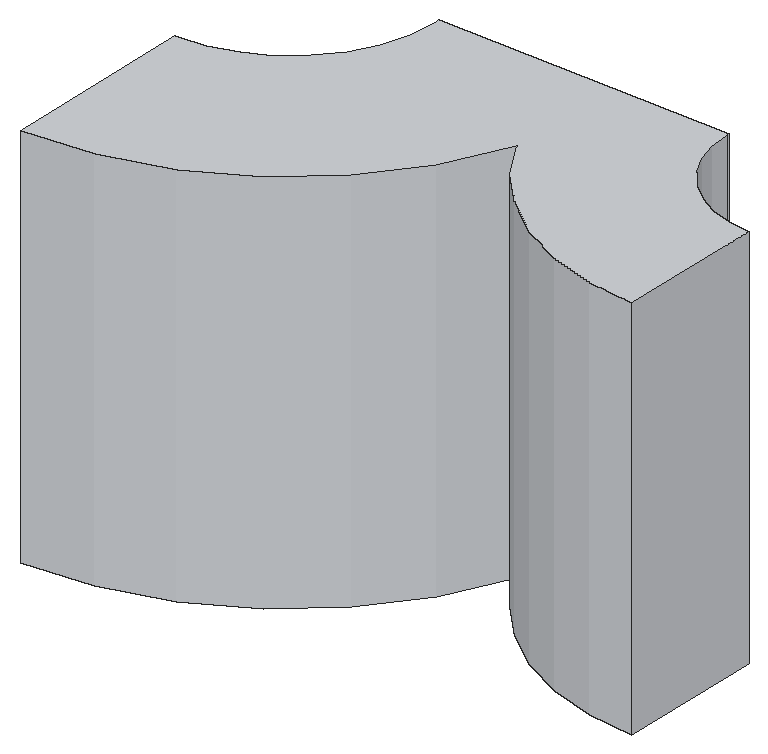
Revit family "b8e60da4b70448b39d493ccb4ce29c04", category Duct Fittings, Revit 2021
Family settings
  Round Connector Dimension = Use Diameter
  Part Type = Tee
  OmniClass Number = 23.75.70.14
  OmniClass Title = Air Ductwork
  Seek Item ID = Rectangular Wye - Curved - Transition-0000-USA-ENU
  Work Plane-Based = No
  Always vertical = Yes
  Cut with Voids When Loaded = No
  Shared = No
Parameters (values of type "Standard")
  Width 1 [instance] = 5 / 8 * (Duct Width 1 - Duct Width 2) + Radius 2  # 8 3/4"
  Shoulder [instance] = 0' 0 1/8"  # 1/8"
  Radius 1 [instance] = 1.25 * Duct Width 1  # 10"
  Radius 2 [instance] = 1.25 * Duct Width 2  # 7 1/2"
  Length 2 [instance] = 0.5 * Duct Width 3 + 0.75 * Duct Width 2  # 10 1/2"
  Length 1 [instance] = 0.5 * Duct Width 3 + 0.75 * Duct Width 1  # 12"
  Duct Width 3 [instance] = 12"
  Duct Width 2 [instance] = 6"
  Duct Width 1 [instance] = 8"
  Duct Height [instance] = 16"
  Default Elevation = 0' - 0"
Reference planes (in)
  plane 1 "Center (Front/Back)": y = 0
  plane 2: z = 0
  plane 3 "Center (Left/Right)": x = 0
  plane 4: y = 8.75
  plane 5: y = 1.25
  plane 6: y = -1.25
  plane 7: x = -12
  plane 8: x = 10.5
  plane 9: y = 8.875
Forms (in)
  Sweep 1, solid, detail levels medium+fine
    path in 3D
      loop
        arc (-2, 8.75, 0) -> (-4.92893, 1.67893, 0) -> (-12, -1.25, 0) r 10
    profile "Duct - Rectangular : Duct - Rectangular 1" origin (-4.92893, 1.67893, 0) x (0.707107, -0.707107, 0) y (0, 0, 1)
      loop
        line (-4, 8) -> (-4, -8) -> (4, -8) -> (4, 8) -> (-4, 8)
  Sweep 2, solid, detail levels medium+fine
    path in 3D
      loop
        arc (3, 8.75, 0) -> (5.1967, 3.4467, 0) -> (10.5, 1.25, 0) r 7.5
    profile "Duct - Rectangular : Duct - Rectangular 2" origin (5.1967, 3.4467, 0) x (0.707107, 0.707107, 0) y (0, 0, 1)
      loop
        line (-3, 8) -> (-3, -8) -> (3, -8) -> (3, 8) -> (-3, 8)
  Sweep 3, solid, detail levels medium+fine
    path in 3D
      loop
        line (0, 8.875, 0) -> (0, 8.75, 0)
    profile "Duct - Rectangular : Duct - Rectangular 3" origin (0, 8.8125, 0) x (1, 0, 0) y (0, 0, 1)
      loop
        line (-6, 8) -> (-6, -8) -> (6, -8) -> (6, 8) -> (-6, 8)
Cuts and joins
  joined: Sweep 1, Sweep 2, Sweep 3
Lines and regions (in)
  model lines, detail levels coarse
    curve 1: arc (-2, 8.75, 0) -> (-4.92893, 1.67893, 0) -> (-12, -1.25, 0) r 10
    curve 2: arc (3, 8.75, 0) -> (5.1967, 3.4467, 0) -> (10.5, 1.25, 0) r 7.5
    curve 5: line (0, 8.875, 0) -> (0, 8.75, 0)
  sketch lines
    curve 3: arc (-2, 8.75, 0) -> (-4.92893, 1.67893, 0) -> (-12, -1.25, 0) r 10
    curve 4: arc (3, 8.75, 0) -> (5.1967, 3.4467, 0) -> (10.5, 1.25, 0) r 7.5
    curve 6: line (0, 8.875, 0) -> (0, 8.75, 0)
Dimensions and locks (in)
  "Width 1": plane 1 "Center (Front/Back)" to plane 4
  "Radius 2": plane 5 to plane 4
  "Radius 1": plane 6 to plane 4
  "Length 1": plane 7 to plane 3 "Center (Left/Right)"
  "Length 2": plane 3 "Center (Left/Right)" to plane 8
  "Shoulder": plane 4 to plane 9
  "Radius 1": radius of curve 1
  "Radius 2": radius of curve 2
  aligned and locked: plane 7 to curve 1
  aligned and locked: plane 4 to curve 1
  aligned and locked: plane 4 to curve 2
  aligned and locked: plane 8 to curve 2
  aligned and locked: curve 5 to plane 3 "Center (Left/Right)"
  aligned and locked: plane 9 to curve 5
  aligned and locked: plane 4 to curve 5
Connectors (in)
  hvac at (-12, -1.25, 0), driven by "Duct Height", driven by "Duct Width 1"
    settings: on Sweep 1, index 1, duct flow 0 CFM, flow factor 0, pres drop 0.00 in-wg, loss coef 0, conn angle 0.00°, conn width 8", conn height 16", conn diameter 24", duct sys type 28, conn prof type 1, flow config 0, flow direction 0, loss method 0, conn ref index -1, conn util no, is conn primary yes, conn desc ""
  hvac at (10.5, 1.25, 0), driven by "Duct Height", driven by "Duct Width 2"
    settings: on Sweep 2, index 2, duct flow 0 CFM, flow factor 0, pres drop 0.00 in-wg, loss coef 0, conn angle 0.00°, conn width 6", conn height 16", conn diameter 24", duct sys type 28, conn prof type 1, flow config 0, flow direction 0, loss method 0, conn ref index -1, conn util no, is conn primary no, conn desc ""
  hvac at (0, 8.875, 0), driven by "Duct Height", driven by "Duct Width 3"
    settings: on Sweep 3, index 3, duct flow 0 CFM, flow factor 0, pres drop 0.00 in-wg, loss coef 0, conn angle 0.00°, conn width 12", conn height 16", conn diameter 24", duct sys type 28, conn prof type 1, flow config 0, flow direction 0, loss method 0, conn ref index -1, conn util no, is conn primary no, conn desc ""
